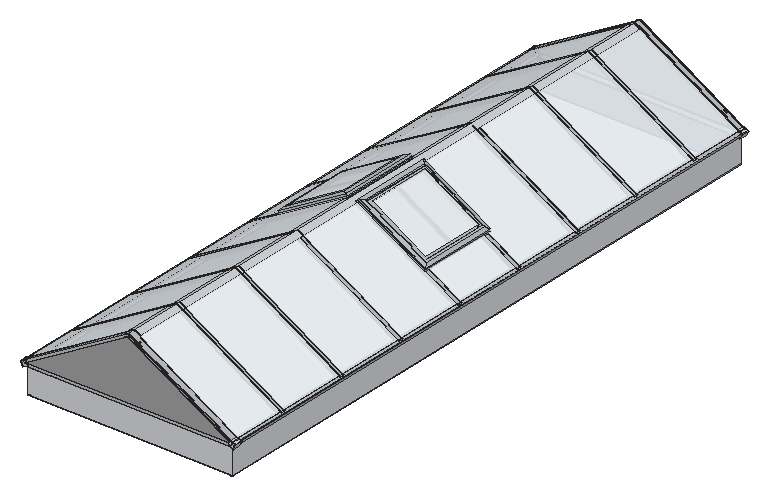
Revit family "Ленточный двухскатный зенитный фонарь M8CITY_Д_ВЕНТ-1_ств_2017", category Оборудование, Revit 2017 (continued)
Definition of nested family "Створка Д-2"
  Definition of nested family "вентиляция"
    Reference planes
      plane 1 "По центру (Вперед/Назад)": y = 0
      plane 2: z = 0
      plane 3 "По центру (Влево/Вправо)": x = 0
      plane 4: z = 70
      plane 5: z = -615
      plane 6: z = -185
      plane 7: z = 55
      plane 8: z = -20
      plane 9: y = 45
      plane 10: y = -45
      plane 11: x = -850
      plane 12: x = -670
      plane 13: y = 605.368
      plane 14: x = 670
      plane 15: y = -605.368
    Forms (mm)
      Extrusion 1, solid
        sketch origin (0, 0, 0) x (1, 0, 0) y (0, 0, 1)
          loop
            line (0, -20) -> (0, -185) -> (90, -185) -> (90, -65) -> (69.016, -20) -> (0, -20)
        from -45 to 45
      Extrusion 2, solid
        sketch origin (0, 0, 0) x (1, 0, 0) y (0, 0, 1)
          loop
            line (0, -185) -> (0, -410) -> (40, -410) -> (40, -185) -> (0, -185)
        from -20 to 20
      Revolve 3, solid
        sketch origin (0, 0, 0) x (1, 0, 0) y (0, 0, 1)
          loop
            line (65, -185) -> (65, -210) -> (68, -210) -> (68, -200) -> (73, -200) -> (73, -185) -> (65, -185)
          axis (65, -185) -> (65, -210)
        angle from 0 to 360
      Revolve 4, solid
        sketch origin (0, 0, 0) x (1, 0, 0) y (0, 0, 1)
          loop
            line (12.727, 55) -> (12.727, -20) -> (25.454, -20) -> (25.454, 55) -> (12.727, 55)
          axis (12.727, -20) -> (12.727, 55)
        angle from 0 to 360
      Revolve 5, solid
        sketch origin (0, 0, 0) x (1, 0, 0) y (0, 0, 1)
          loop
            line (12.727, 55) -> (15.227, 55) -> (15.227, 70) -> (12.727, 70) -> (12.727, 55)
          axis (12.727, 70) -> (12.727, 55)
        angle from 0 to 360
      Extrusion 6, solid
        sketch origin (0, 0, 0) x (1, 0, 0) y (0, 0, 1)
          loop
            circle (12.727, 0) r 6
        from -20 to 20
    Dimensions and locks
      plane 4 to plane 2 = 70 mm
      locked: plane 2 to plane 6 at 185
      locked: plane 6 to plane 5 at 430
      locked: plane 7 to plane 2 at 55
      locked: plane 2 to plane 8 at 20
      locked: Extrusion 1 sketch curve to Extrusion 1 sketch curve at 90
      locked: plane 1 "По центру (Вперед/Назад)" to plane 9 at 45
      locked: plane 10 to plane 1 "По центру (Вперед/Назад)" at 45
      plane 1 "По центру (Вперед/Назад)" to Extrusion 2 = 20 mm
      Extrusion 2 to plane 1 "По центру (Вперед/Назад)" = 20 mm
      equal spacing: plane 12, plane 3 "По центру (Влево/Вправо)", plane 14
      equal spacing: plane 13, plane 1 "По центру (Вперед/Назад)", plane 15
      "Ширина": plane 12 to plane 14
      "Длина": plane 13 to plane 15
      aligned and locked: level to plane 2
      aligned and locked: Extrusion 2 sketch curve to plane 3 "По центру (Влево/Вправо)"
      aligned and locked: plane 9 to Extrusion 1
      aligned and locked: Extrusion 1 to plane 10
    Automatic sketch dimensions
      Extrusion 1 sketch curve to plane 3 "По центру (Влево/Вправо)" = 0 mm
      Extrusion 1 sketch curve to plane 8 = 0 mm
      Extrusion 1 sketch curve to plane 6 = 0 mm
      Extrusion 1 sketch curve to Extrusion 1 sketch curve = 20.984 mm
      Extrusion 1 sketch curve to plane 8 = 45 mm
      Revolve 3 sketch curve to plane 6 = 0 mm  (x2)
      plane 3 "По центру (Влево/Вправо)" to Revolve 3 sketch curve = 65 mm
      Revolve 3 sketch curve to Revolve 3 sketch curve = 3 mm
      Revolve 3 sketch curve to Revolve 3 sketch curve = 8 mm
      Revolve 3 sketch curve to plane 6 = 15 mm
      Revolve 3 sketch curve to Revolve 3 sketch curve = 10 mm
      Revolve 3 sketch curve to Revolve 3 sketch curve = 0 mm  (x2)
      Revolve 4 sketch curve to plane 7 = 0 mm  (x2)
      Revolve 4 sketch curve to plane 8 = 0 mm  (x2)
      plane 3 "По центру (Влево/Вправо)" to Revolve 4 sketch curve = 12.727 mm
      Revolve 4 sketch curve to Revolve 4 sketch curve = 12.727 mm
      Revolve 4 sketch curve to Revolve 4 sketch curve = 0 mm
      Revolve 5 sketch curve to plane 7 = 0 mm  (x2)
      Revolve 5 sketch curve to plane 4 = 0 mm  (x2)
      plane 3 "По центру (Влево/Вправо)" to Revolve 5 sketch curve = 12.727 mm
      Revolve 5 sketch curve to Revolve 5 sketch curve = 2.5 mm
      Revolve 5 sketch curve to Revolve 5 sketch curve = 0 mm
      Extrusion 6 sketch curve to level = 0 mm
      plane 3 "По центру (Влево/Вправо)" to Extrusion 6 sketch curve = 12.727 mm
      Extrusion 2 sketch curve to plane 6 = 0 mm
      plane 3 "По центру (Влево/Вправо)" to Extrusion 2 sketch curve = 40 mm
      plane 5 to Extrusion 2 sketch curve = 205 mm
      radius of Extrusion 6 sketch curve = 6 mm
Definition of nested family "ПК низкая детализация"
  Parameters (values of type "ПК низкая детализация")
    Ширина проёма = 3500 mm
    Угол наклона = 30.00°
    Толщина заполения = 20 mm
    Длина проёма = 2600 mm
  Reference planes
    plane 1 "По центру (Вперед/Назад)": y = 0
    plane 2: z = -100
    plane 3 "По центру (Влево/Вправо)": x = 0
    plane 4: x = -1750
    plane 5: x = 1750
    plane 6: z = -50
    plane 7: x = -1840
    plane 8: x = 1840
    plane 9: y = 15
    plane 10: y = -15
    plane 11: y = 1300
    plane 12: y = -1300
    plane 13: y = 1380
    plane 14: y = -1380
  Forms (mm)
    Extrusion 1, solid, detail levels coarse
      sketch origin (0, 0, 0) x (1, 0, 0) y (0, 0, 1)
        loop
          line (-1840, -50) -> (1840, -50) -> (0, 1012.324) -> (-1840, -50)
      from -1380 to 1380
  Lines and regions (mm)
    reference lines
      curve 1: line (1840, 0, -50) -> (1850, 0, -32.679)
      curve 2: line (-1840, 0, -50) -> (-1850, 0, -32.679)
      curve 3: line (-1840, 0, -50) -> (0, 0, 1012.324)
      curve 4: line (0, 0, 1012.324) -> (-10, 0, 1029.645)
      curve 5: line (-10, 0, 1029.645) -> (-1850, 0, -32.679)
      curve 6: line (1840, 0, -50) -> (0, 0, 1012.324)
      curve 7: line (0, 0, 1012.324) -> (10, 0, 1029.645)
      curve 8: line (10, 0, 1029.645) -> (1850, 0, -32.679)
  Dimensions and locks
    equal spacing: plane 4, plane 3 "По центру (Влево/Вправо)", plane 5
    "Ширина проёма": plane 4 to plane 5
    locked: plane 4 to plane 7 at 90
    locked: plane 8 to plane 5 at 90
    plane 6 to plane 2 = 50 mm
    "Толщина заполения": curve 5 to curve 3
    curve 5 to curve 3 = 20 mm
    "Толщина заполения": curve 8 to curve 6
    curve 8 to curve 6 = 20 mm
    equal spacing: plane 11, plane 1 "По центру (Вперед/Назад)", plane 12
    "Длина проёма": plane 11 to plane 12
    locked: plane 13 to plane 11 at 80
    locked: plane 12 to plane 14 at 80
    locked: curve 5 to curve 2 (angle 90.00°)
    "Угол наклона": angle plane 6 to curve 3
    locked: curve 4 to curve 3 (angle 90.00°)
    angle curve 1 to curve 8 = 90.00°
    "Угол наклона": angle curve 6 to plane 6
    locked: curve 6 to curve 7 (angle 90.00°)
    aligned and locked: plane 6 to curve 2
    aligned and locked: plane 7 to curve 2
    aligned and locked: plane 3 "По центру (Влево/Вправо)" to curve 3
    aligned and locked: plane 8 to curve 1
    aligned and locked: Extrusion 1 sketch curve to plane 6
    aligned and locked: Extrusion 1 to plane 14
    aligned and locked: plane 13 to Extrusion 1
    aligned and locked: Extrusion 1 sketch curve to curve 3
    aligned and locked: Extrusion 1 sketch curve to curve 6
